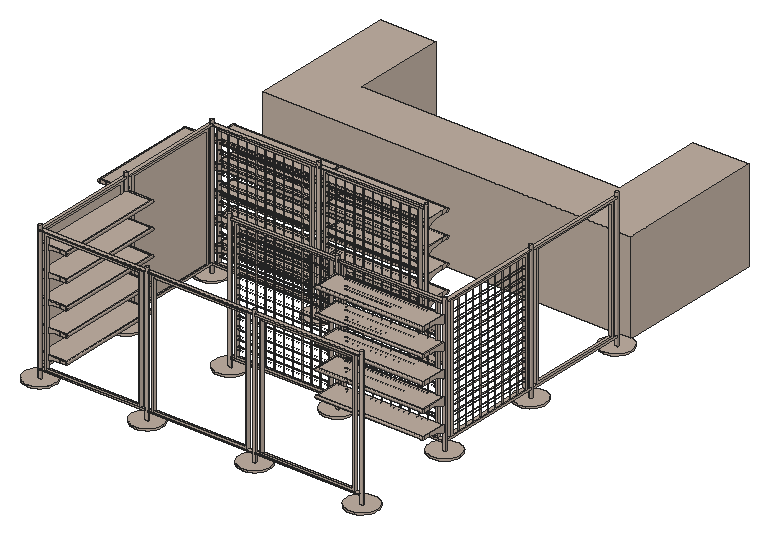
Revit family "Luxe Queuing System", category Generic Models, Revit 2014
Parameters
  URL = "http://www.madixinc.com"
  Shelf Material [instance] = Madix Default
  Shelf Frame Material [instance] = Madix Default
  Shelf Depth [instance] = 0' - 8"
  Panel Frame Width [instance] = 2' - 6"
  Panel Frame Height [instance] = 3' - 4"
  Model = "Luxe Queuing System"
  Manufacturer = "© 2015 Madix, Inc. All rights reserved."
  Main Material [instance] = Madix Default
  Harmonic Grid Material [instance] = Madix Default
  Grid Frame Width [instance] = 2' - 6"
  Grid Frame Height [instance] = 3' - 4"
  Frame (Empty) Width [instance] = 2' - 6"
  Frame (Empty) Height [instance] = 3' - 4"
  Grid Shelf 1 - on/off [instance] = no
  Grid Shelf 2 - on/off [instance] = yes
  Grid Shelf 3 - on/off [instance] = no
  Grid Shelf 4 - on/off [instance] = yes
  Grid Shelf 5 - on/off [instance] = no
  Grid Shelf 6 - on/off [instance] = yes
  Grid Shelf 7 - on/off [instance] = no
  Grid Shelf 8 - on/off [instance] = yes
  Grid Shelf 9 - on/off [instance] = no
  Grid Shelf 10 - on/off [instance] = yes
  Grid Outrigger A - on/off [instance] = yes
  Grid Outrigger B - on/off [instance] = no
  Panel Shelf 1 - on/off [instance] = no
  Panel Shelf 2 - on/off [instance] = yes
  Panel Shelf 3 - on/off [instance] = no
  Panel Shelf 4 - on/off [instance] = yes
  Panel Shelf 5 - on/off [instance] = no
  Panel Shelf 6 - on/off [instance] = yes
  Panel Shelf 7 - on/off [instance] = no
  Panel Shelf 8 - on/off [instance] = yes
  Panel Shelf 9 - on/off [instance] = no
  Panel Shelf 10 - on/off [instance] = yes
  Panel Outrigger A - on/off [instance] = yes
  Panel Outrigger B - on/off [instance] = yes
  Frame (Empty) Shelf 1 - on/off [instance] = no
  Frame (Empty) Shelf 2 - on/off [instance] = no
  Frame (Empty) Shelf 3 - on/off [instance] = no
  Frame (Empty) Shelf 4 - on/off [instance] = no
  Frame (Empty) Shelf 5 - on/off [instance] = no
  Frame (Empty) Shelf 6 - on/off [instance] = no
  Frame (Empty) Shelf 7 - on/off [instance] = no
  Frame (Empty) Shelf 8 - on/off [instance] = no
  Frame (Empty) Shelf 9 - on/off [instance] = no
  Frame (Empty) Shelf 10 - on/off [instance] = no
  Frame (Empty) Outrigger A - on/off [instance] = no
  Frame (Empty) Outrigger B - on/off [instance] = yes
Reference planes (in)
  plane 1 "Center (Front/Back)": y = 0
  plane 2: z = 0
  plane 3 "Center (Left/Right)": x = 0
Forms (in)
  Extrusion 1, solid, material "Madix Default" <- "Main Material"
    sketch origin (0, 5.625, 0) x (1, 0, 0) y (0, 1, 0)
      loop
        line (115.12511, 93.87603) -> (115.12511, 141.87603) -> (97.12511, 141.87603) -> (97.12511, 111.87603) -> (13.12511, 111.87603) -> (13.12511, 141.87603) -> (-4.87489, 141.87603) -> (-4.87489, 93.87603) -> (115.12511, 93.87603)
    from 0 to 30
Dimensions and locks (in)
  aligned and locked: plane 2 to level
Nested families (in)
  nested 1: "LUXE" at (80.62465, 59.3733, 0) x (-1, 0, 0) z (0, 0, 1), Shelf Material <- "Shelf Material", Shelf Frame Material <- "Shelf Frame Material", MATERIAL <- "Main Material", Harmonic Grid Material <- "Harmonic Grid Material", Shelf Depth <- "Shelf Depth", Frame Width <- "Grid Frame Width", Frame Height <- "Grid Frame Height", Shelf 1 - on/off <- "Grid Shelf 1 - on/off", Shelf 2 - on/off <- "Grid Shelf 2 - on/off", Shelf 3 - on/off <- "Grid Shelf 3 - on/off", Shelf 4 - on/off <- "Grid Shelf 4 - on/off", Shelf 5 - on/off <- "Grid Shelf 5 - on/off", Shelf 6 - on/off <- "Grid Shelf 6 - on/off", Shelf 7 - on/off <- "Grid Shelf 7 - on/off", Shelf 8 - on/off <- "Grid Shelf 8 - on/off", Shelf 9 - on/off <- "Grid Shelf 9 - on/off", Shelf 10 - on/off <- "Grid Shelf 10 - on/off", Outrigger A <- "Grid Outrigger A - on/off", Outrigger B <- "Grid Outrigger B - on/off", type "Panel"
    with Width Between Outriggers 2' - 10", Shelf Width 2' - 10 1/2", Shelf Material Madix Default, Shelf Frame Material Madix Default, Shelf Depth 0' - 8", Shelf 9 - on/off no, Shelf 8 - on/off yes, Shelf 7 - on/off no, Shelf 6 - on/off yes, Shelf 5 - on/off no, Shelf 4 - on/off yes, Shelf 3 - on/off no, Shelf 2 - on/off yes, Shelf 10 - on/off yes, Shelf 1 - on/off no, Panel on/off no, Outrigger Width 2' - 11", Outrigger Height 3' - 9", Outrigger B no, Outrigger A yes, MATERIAL Madix Default, Harmonic Grid Material Madix Default, Grid on/off yes, Frame on/off no, Frame Width 2' - 6", Frame Height 3' - 4", Center to Center Base Distance 2' - 11"
  nested 2: "LUXE" at (10.62397, -10.62648, 0), Shelf Depth <- "Shelf Depth", Frame Width <- "Frame (Empty) Width", Frame Height <- "Frame (Empty) Height", Shelf Material <- "Shelf Material", Shelf Frame Material <- "Shelf Frame Material", MATERIAL <- "Main Material", Harmonic Grid Material <- "Harmonic Grid Material", Shelf 1 - on/off <- "Frame (Empty) Shelf 1 - on/off", Shelf 2 - on/off <- "Frame (Empty) Shelf 2 - on/off", Shelf 3 - on/off <- "Frame (Empty) Shelf 3 - on/off", Shelf 4 - on/off <- "Frame (Empty) Shelf 4 - on/off", Shelf 5 - on/off <- "Frame (Empty) Shelf 5 - on/off", Shelf 6 - on/off <- "Frame (Empty) Shelf 6 - on/off", Shelf 7 - on/off <- "Frame (Empty) Shelf 7 - on/off", Shelf 8 - on/off <- "Frame (Empty) Shelf 8 - on/off", Shelf 9 - on/off <- "Frame (Empty) Shelf 9 - on/off", Shelf 10 - on/off <- "Frame (Empty) Shelf 10 - on/off", Outrigger A <- "Frame (Empty) Outrigger A - on/off", Outrigger B <- "Frame (Empty) Outrigger B - on/off", type "Frame (Empty)"
    with Width Between Outriggers 2' - 10", Shelf Width 2' - 10 1/2", Shelf Material Madix Default, Shelf Frame Material Madix Default, Shelf Depth 0' - 8", Shelf 9 - on/off no, Shelf 8 - on/off no, Shelf 7 - on/off no, Shelf 6 - on/off no, Shelf 5 - on/off no, Shelf 4 - on/off no, Shelf 3 - on/off no, Shelf 2 - on/off no, Shelf 10 - on/off no, Shelf 1 - on/off no, Panel on/off no, Outrigger Width 2' - 11", Outrigger Height 3' - 9", Outrigger B yes, Outrigger A no, MATERIAL Madix Default, Harmonic Grid Material Madix Default, Grid on/off no, Frame on/off yes, Frame Width 2' - 6", Frame Height 3' - 4", Center to Center Base Distance 2' - 11"
  nested 3: "LUXE" at (10.62397, -10.62738, 0) x (0, 1, 0) z (0, 0, 1), Shelf Depth <- "Shelf Depth", Frame Width <- "Panel Frame Width", Frame Height <- "Panel Frame Height", Shelf Material <- "Shelf Material", Shelf Frame Material <- "Shelf Frame Material", MATERIAL <- "Main Material", Harmonic Grid Material <- "Harmonic Grid Material", Shelf 1 - on/off <- "Panel Shelf 1 - on/off", Shelf 2 - on/off <- "Panel Shelf 2 - on/off", Shelf 3 - on/off <- "Panel Shelf 3 - on/off", Shelf 4 - on/off <- "Panel Shelf 4 - on/off", Shelf 5 - on/off <- "Panel Shelf 5 - on/off", Shelf 6 - on/off <- "Panel Shelf 6 - on/off", Shelf 7 - on/off <- "Panel Shelf 7 - on/off", Shelf 8 - on/off <- "Panel Shelf 8 - on/off", Shelf 9 - on/off <- "Panel Shelf 9 - on/off", Shelf 10 - on/off <- "Panel Shelf 10 - on/off", type "Panel B"
    with Width Between Outriggers 2' - 10", Shelf Width 2' - 10 1/2", Shelf Material Madix Default, Shelf Frame Material Madix Default, Shelf Depth 0' - 8", Shelf 9 - on/off no, Shelf 8 - on/off yes, Shelf 7 - on/off no, Shelf 6 - on/off yes, Shelf 5 - on/off no, Shelf 4 - on/off yes, Shelf 3 - on/off no, Shelf 2 - on/off yes, Shelf 10 - on/off yes, Shelf 1 - on/off no, Panel on/off yes, Outrigger Width 2' - 11", Outrigger Height 3' - 9", Outrigger B no, Outrigger A yes, MATERIAL Madix Default, Harmonic Grid Material Madix Default, Grid on/off no, Frame on/off yes, Frame Width 2' - 6", Frame Height 3' - 4", Center to Center Base Distance 2' - 11"
  nested 4: "LUXE" at (10.62397, 59.37397, 0) x (0, -1, 0) z (0, 0, 1), Shelf Depth <- "Shelf Depth", Frame Width <- "Panel Frame Width", Frame Height <- "Panel Frame Height", Shelf Material <- "Shelf Material", Shelf Frame Material <- "Shelf Frame Material", MATERIAL <- "Main Material", Harmonic Grid Material <- "Harmonic Grid Material", Shelf 1 - on/off <- "Panel Shelf 1 - on/off", Shelf 2 - on/off <- "Panel Shelf 2 - on/off", Shelf 3 - on/off <- "Panel Shelf 3 - on/off", Shelf 4 - on/off <- "Panel Shelf 4 - on/off", Shelf 5 - on/off <- "Panel Shelf 5 - on/off", Shelf 6 - on/off <- "Panel Shelf 6 - on/off", Shelf 7 - on/off <- "Panel Shelf 7 - on/off", Shelf 8 - on/off <- "Panel Shelf 8 - on/off", Shelf 9 - on/off <- "Panel Shelf 9 - on/off", Shelf 10 - on/off <- "Panel Shelf 10 - on/off", Outrigger A <- "Panel Outrigger A - on/off", Outrigger B <- "Panel Outrigger B - on/off", type "Panel"
    with Width Between Outriggers 2' - 10", Shelf Width 2' - 10 1/2", Shelf Material Madix Default, Shelf Frame Material Madix Default, Shelf Depth 0' - 8", Shelf 9 - on/off no, Shelf 8 - on/off yes, Shelf 7 - on/off no, Shelf 6 - on/off yes, Shelf 5 - on/off no, Shelf 4 - on/off yes, Shelf 3 - on/off no, Shelf 2 - on/off yes, Shelf 10 - on/off yes, Shelf 1 - on/off no, Panel on/off yes, Outrigger Width 2' - 11", Outrigger Height 3' - 9", Outrigger B yes, Outrigger A yes, MATERIAL Madix Default, Harmonic Grid Material Madix Default, Grid on/off no, Frame on/off yes, Frame Width 2' - 6", Frame Height 3' - 4", Center to Center Base Distance 2' - 11"
  nested 5: "LUXE" at (45.6242, -10.62648, 0), Shelf Depth <- "Shelf Depth", Frame Width <- "Frame (Empty) Width", Frame Height <- "Frame (Empty) Height", Shelf Material <- "Shelf Material", Shelf Frame Material <- "Shelf Frame Material", MATERIAL <- "Main Material", Harmonic Grid Material <- "Harmonic Grid Material", Shelf 1 - on/off <- "Frame (Empty) Shelf 1 - on/off", Shelf 2 - on/off <- "Frame (Empty) Shelf 2 - on/off", Shelf 3 - on/off <- "Frame (Empty) Shelf 3 - on/off", Shelf 4 - on/off <- "Frame (Empty) Shelf 4 - on/off", Shelf 5 - on/off <- "Frame (Empty) Shelf 5 - on/off", Shelf 6 - on/off <- "Frame (Empty) Shelf 6 - on/off", Shelf 7 - on/off <- "Frame (Empty) Shelf 7 - on/off", Shelf 8 - on/off <- "Frame (Empty) Shelf 8 - on/off", Shelf 9 - on/off <- "Frame (Empty) Shelf 9 - on/off", Shelf 10 - on/off <- "Frame (Empty) Shelf 10 - on/off", Outrigger A <- "Frame (Empty) Outrigger A - on/off", Outrigger B <- "Frame (Empty) Outrigger B - on/off", type "Frame (Empty)"
    with Width Between Outriggers 2' - 10", Shelf Width 2' - 10 1/2", Shelf Material Madix Default, Shelf Frame Material Madix Default, Shelf Depth 0' - 8", Shelf 9 - on/off no, Shelf 8 - on/off no, Shelf 7 - on/off no, Shelf 6 - on/off no, Shelf 5 - on/off no, Shelf 4 - on/off no, Shelf 3 - on/off no, Shelf 2 - on/off no, Shelf 10 - on/off no, Shelf 1 - on/off no, Panel on/off no, Outrigger Width 2' - 11", Outrigger Height 3' - 9", Outrigger B yes, Outrigger A no, MATERIAL Madix Default, Harmonic Grid Material Madix Default, Grid on/off no, Frame on/off yes, Frame Width 2' - 6", Frame Height 3' - 4", Center to Center Base Distance 2' - 11"
  nested 6: "LUXE" at (80.62443, -10.62648, 0), Shelf Depth <- "Shelf Depth", Frame Width <- "Frame (Empty) Width", Frame Height <- "Frame (Empty) Height", Shelf Material <- "Shelf Material", Shelf Frame Material <- "Shelf Frame Material", MATERIAL <- "Main Material", Harmonic Grid Material <- "Harmonic Grid Material", Shelf 1 - on/off <- "Frame (Empty) Shelf 1 - on/off", Shelf 2 - on/off <- "Frame (Empty) Shelf 2 - on/off", Shelf 3 - on/off <- "Frame (Empty) Shelf 3 - on/off", Shelf 4 - on/off <- "Frame (Empty) Shelf 4 - on/off", Shelf 5 - on/off <- "Frame (Empty) Shelf 5 - on/off", Shelf 6 - on/off <- "Frame (Empty) Shelf 6 - on/off", Shelf 7 - on/off <- "Frame (Empty) Shelf 7 - on/off", Shelf 8 - on/off <- "Frame (Empty) Shelf 8 - on/off", Shelf 9 - on/off <- "Frame (Empty) Shelf 9 - on/off", Shelf 10 - on/off <- "Frame (Empty) Shelf 10 - on/off", Outrigger A <- "Frame (Empty) Outrigger A - on/off", Outrigger B <- "Frame (Empty) Outrigger B - on/off", type "Frame (Empty)"
    with Width Between Outriggers 2' - 10", Shelf Width 2' - 10 1/2", Shelf Material Madix Default, Shelf Frame Material Madix Default, Shelf Depth 0' - 8", Shelf 9 - on/off no, Shelf 8 - on/off no, Shelf 7 - on/off no, Shelf 6 - on/off no, Shelf 5 - on/off no, Shelf 4 - on/off no, Shelf 3 - on/off no, Shelf 2 - on/off no, Shelf 10 - on/off no, Shelf 1 - on/off no, Panel on/off no, Outrigger Width 2' - 11", Outrigger Height 3' - 9", Outrigger B yes, Outrigger A no, MATERIAL Madix Default, Harmonic Grid Material Madix Default, Grid on/off no, Frame on/off yes, Frame Width 2' - 6", Frame Height 3' - 4", Center to Center Base Distance 2' - 11"
  nested 7: "LUXE" at (45.62443, 59.3733, 0) x (-1, 0, 0) z (0, 0, 1), Shelf Material <- "Shelf Material", Shelf Frame Material <- "Shelf Frame Material", MATERIAL <- "Main Material", Harmonic Grid Material <- "Harmonic Grid Material", Shelf Depth <- "Shelf Depth", Frame Width <- "Grid Frame Width", Frame Height <- "Grid Frame Height", Shelf 1 - on/off <- "Grid Shelf 1 - on/off", Shelf 2 - on/off <- "Grid Shelf 2 - on/off", Shelf 3 - on/off <- "Grid Shelf 3 - on/off", Shelf 4 - on/off <- "Grid Shelf 4 - on/off", Shelf 5 - on/off <- "Grid Shelf 5 - on/off", Shelf 6 - on/off <- "Grid Shelf 6 - on/off", Shelf 7 - on/off <- "Grid Shelf 7 - on/off", Shelf 8 - on/off <- "Grid Shelf 8 - on/off", Shelf 9 - on/off <- "Grid Shelf 9 - on/off", Shelf 10 - on/off <- "Grid Shelf 10 - on/off", Outrigger A <- "Grid Outrigger A - on/off", Outrigger B <- "Grid Outrigger B - on/off", type "Panel"
    with Width Between Outriggers 2' - 10", Shelf Width 2' - 10 1/2", Shelf Material Madix Default, Shelf Frame Material Madix Default, Shelf Depth 0' - 8", Shelf 9 - on/off no, Shelf 8 - on/off yes, Shelf 7 - on/off no, Shelf 6 - on/off yes, Shelf 5 - on/off no, Shelf 4 - on/off yes, Shelf 3 - on/off no, Shelf 2 - on/off yes, Shelf 10 - on/off yes, Shelf 1 - on/off no, Panel on/off no, Outrigger Width 2' - 11", Outrigger Height 3' - 9", Outrigger B no, Outrigger A yes, MATERIAL Madix Default, Harmonic Grid Material Madix Default, Grid on/off yes, Frame on/off no, Frame Width 2' - 6", Frame Height 3' - 4", Center to Center Base Distance 2' - 11"
  nested 8: "LUXE" at (114.62465, 24.37375, 0) x (-1, 0, 0) z (0, 0, 1), Shelf Material <- "Shelf Material", Shelf Frame Material <- "Shelf Frame Material", MATERIAL <- "Main Material", Harmonic Grid Material <- "Harmonic Grid Material", Shelf Depth <- "Shelf Depth", Frame Width <- "Grid Frame Width", Frame Height <- "Grid Frame Height", Shelf 1 - on/off <- "Grid Shelf 1 - on/off", Shelf 2 - on/off <- "Grid Shelf 2 - on/off", Shelf 3 - on/off <- "Grid Shelf 3 - on/off", Shelf 4 - on/off <- "Grid Shelf 4 - on/off", Shelf 5 - on/off <- "Grid Shelf 5 - on/off", Shelf 6 - on/off <- "Grid Shelf 6 - on/off", Shelf 7 - on/off <- "Grid Shelf 7 - on/off", Shelf 8 - on/off <- "Grid Shelf 8 - on/off", Shelf 9 - on/off <- "Grid Shelf 9 - on/off", Shelf 10 - on/off <- "Grid Shelf 10 - on/off", Outrigger A <- "Grid Outrigger A - on/off", Outrigger B <- "Grid Outrigger B - on/off", type "Panel"
    with Width Between Outriggers 2' - 10", Shelf Width 2' - 10 1/2", Shelf Material Madix Default, Shelf Frame Material Madix Default, Shelf Depth 0' - 8", Shelf 9 - on/off no, Shelf 8 - on/off yes, Shelf 7 - on/off no, Shelf 6 - on/off yes, Shelf 5 - on/off no, Shelf 4 - on/off yes, Shelf 3 - on/off no, Shelf 2 - on/off yes, Shelf 10 - on/off yes, Shelf 1 - on/off no, Panel on/off no, Outrigger Width 2' - 11", Outrigger Height 3' - 9", Outrigger B no, Outrigger A yes, MATERIAL Madix Default, Harmonic Grid Material Madix Default, Grid on/off yes, Frame on/off no, Frame Width 2' - 6", Frame Height 3' - 4", Center to Center Base Distance 2' - 11"
  nested 9: "LUXE" at (79.62443, 24.37375, 0) x (-1, 0, 0) z (0, 0, 1), Shelf Material <- "Shelf Material", Shelf Frame Material <- "Shelf Frame Material", MATERIAL <- "Main Material", Harmonic Grid Material <- "Harmonic Grid Material", Shelf Depth <- "Shelf Depth", Frame Width <- "Grid Frame Width", Frame Height <- "Grid Frame Height", type "Grid B"
    with Width Between Outriggers 2' - 10", Shelf Width 2' - 10 1/2", Shelf Material Madix Default, Shelf Frame Material Madix Default, Shelf Depth 0' - 8", Shelf 9 - on/off no, Shelf 8 - on/off no, Shelf 7 - on/off no, Shelf 6 - on/off no, Shelf 5 - on/off no, Shelf 4 - on/off no, Shelf 3 - on/off no, Shelf 2 - on/off no, Shelf 10 - on/off no, Shelf 1 - on/off no, Panel on/off no, Outrigger Width 2' - 11", Outrigger Height 3' - 9", Outrigger B yes, Outrigger A yes, MATERIAL Madix Default, Harmonic Grid Material Madix Default, Grid on/off yes, Frame on/off no, Frame Width 2' - 6", Frame Height 3' - 4", Center to Center Base Distance 2' - 11"
  nested 10: "LUXE" at (114.62511, 59.3742, 0) x (0, -1, 0) z (0, 0, 1), Shelf Material <- "Shelf Material", Shelf Frame Material <- "Shelf Frame Material", MATERIAL <- "Main Material", Harmonic Grid Material <- "Harmonic Grid Material", Shelf Depth <- "Shelf Depth", Frame Width <- "Grid Frame Width", Frame Height <- "Grid Frame Height", type "Grid C"
    with Width Between Outriggers 2' - 10", Shelf Width 2' - 10 1/2", Shelf Material Madix Default, Shelf Frame Material Madix Default, Shelf Depth 0' - 8", Shelf 9 - on/off no, Shelf 8 - on/off no, Shelf 7 - on/off no, Shelf 6 - on/off no, Shelf 5 - on/off no, Shelf 4 - on/off no, Shelf 3 - on/off no, Shelf 2 - on/off no, Shelf 10 - on/off no, Shelf 1 - on/off no, Panel on/off no, Outrigger Width 2' - 11", Outrigger Height 3' - 9", Outrigger B no, Outrigger A yes, MATERIAL Madix Default, Harmonic Grid Material Madix Default, Grid on/off yes, Frame on/off no, Frame Width 2' - 6", Frame Height 3' - 4", Center to Center Base Distance 2' - 11"
  nested 11: "LUXE" at (114.62511, 59.37557, 0) x (0, 1, 0) z (0, 0, 1), Shelf Depth <- "Shelf Depth", Frame Width <- "Frame (Empty) Width", Frame Height <- "Frame (Empty) Height", Shelf Material <- "Shelf Material", Shelf Frame Material <- "Shelf Frame Material", MATERIAL <- "Main Material", Harmonic Grid Material <- "Harmonic Grid Material", Shelf 1 - on/off <- "Frame (Empty) Shelf 1 - on/off", Shelf 2 - on/off <- "Frame (Empty) Shelf 2 - on/off", Shelf 3 - on/off <- "Frame (Empty) Shelf 3 - on/off", Shelf 4 - on/off <- "Frame (Empty) Shelf 4 - on/off", Shelf 5 - on/off <- "Frame (Empty) Shelf 5 - on/off", Shelf 6 - on/off <- "Frame (Empty) Shelf 6 - on/off", Shelf 7 - on/off <- "Frame (Empty) Shelf 7 - on/off", Shelf 8 - on/off <- "Frame (Empty) Shelf 8 - on/off", Shelf 9 - on/off <- "Frame (Empty) Shelf 9 - on/off", Shelf 10 - on/off <- "Frame (Empty) Shelf 10 - on/off", Outrigger A <- "Frame (Empty) Outrigger A - on/off", Outrigger B <- "Frame (Empty) Outrigger B - on/off", type "Frame (Empty)"
    with Width Between Outriggers 2' - 10", Shelf Width 2' - 10 1/2", Shelf Material Madix Default, Shelf Frame Material Madix Default, Shelf Depth 0' - 8", Shelf 9 - on/off no, Shelf 8 - on/off no, Shelf 7 - on/off no, Shelf 6 - on/off no, Shelf 5 - on/off no, Shelf 4 - on/off no, Shelf 3 - on/off no, Shelf 2 - on/off no, Shelf 10 - on/off no, Shelf 1 - on/off no, Panel on/off no, Outrigger Width 2' - 11", Outrigger Height 3' - 9", Outrigger B yes, Outrigger A no, MATERIAL Madix Default, Harmonic Grid Material Madix Default, Grid on/off no, Frame on/off yes, Frame Width 2' - 6", Frame Height 3' - 4", Center to Center Base Distance 2' - 11"
Definition of nested family "LUXE"
  Parameters (values of type "Panel")
    Width Between Outriggers [instance] = Frame Width + 0' 4"  # 2' - 10"
    URL = "http://www.madixinc.com"
    Shelf Width [instance] = Width Between Outriggers + 0' 0 1/2"  # 2' - 10 1/2"
    Shelf Depth [instance] = 0' - 8"
    Shelf Material [instance] = Madix Default
    Shelf Frame Material [instance] = Madix Default
    Panel on/off [instance] = yes
    Outrigger Width [instance] = Shelf Width + 0' 0 1/2"  # 2' - 11"
    Outrigger Height [instance] = Frame Height + 0' 5"  # 3' - 9"
    Outrigger B [instance] = yes
    Outrigger A [instance] = yes
    Model = "Luxe Queuing System"
    Manufacturer = "© 2015 Madix, Inc. All rights reserved."
    MATERIAL [instance] = Madix Default
    Harmonic Grid Material [instance] = Madix Default
    Harmonic Grid Length = 1' - 0"
    Frame on/off [instance] = yes
    Frame Width [instance] = 2' - 6"
    Grid on/off [instance] = no
    Frame Height [instance] = 3' - 4"
    Shelf 1 - on/off [instance] = yes
    Shelf 2 - on/off [instance] = yes
    Shelf 3 - on/off [instance] = yes
    Shelf 4 - on/off [instance] = yes
    Shelf 5 - on/off [instance] = yes
    Shelf 6 - on/off [instance] = yes
    Shelf 7 - on/off [instance] = yes
    Shelf 8 - on/off [instance] = yes
    Shelf 9 - on/off [instance] = yes
    Shelf 10 - on/off [instance] = yes
    Center to Center Base Distance [instance] = Outrigger Width  # 2' - 11"
  Types (3): name | Panel on/off | Frame on/off | Grid on/off
    Grid | no | no | yes
    Panel | yes | yes | no
    Frame (Empty) | no | yes | no
  Reference planes (in)
    plane 1 "Center (Front/Back)": y = 0
    plane 2: z = 0
    plane 3 "Center (Left/Right)": x = 0
    plane 4: x = 35
    plane 5: x = 35
  Forms (in)
    Extrusion 1, solid, material "Madix Default" <- "MATERIAL", visible <- "Outrigger A"
      sketch origin (3.50045, 0, 0.7824) x (1, 0, 0) y (0, 1, 0)
        loop
          circle (-3.5, 0) r 0.50069
      from -0.7824 to 44.2176
    Extrusion 2, solid, material "Madix Default" <- "MATERIAL", visible <- "Outrigger B"
      sketch origin (26.5009, 0, 0.7824) x (1, 0, 0) y (0, 1, 0)
        loop
          circle (8.4991, -0.00023) r 0.50023
      from -0.7824 to 44.2176
    Extrusion 3, solid, material "Madix Default" <- "MATERIAL", visible <- "Outrigger A"
      sketch origin (0, 0, 0) x (1, 0, 0) y (0, 1, 0)
        loop
          circle (0.00045, 0.00069) r 5
      from 0 to 0.5
    Extrusion 4, solid, material "Madix Default" <- "MATERIAL", visible <- "Outrigger B"
      sketch origin (35, 0, 0) x (1, 0, 0) y (0, 1, 0)
        loop
          circle (0, 0.00069) r 5
      from 0 to 0.5
  Dimensions and locks (in)
    "Outrigger Height": Extrusion 1 to Extrusion 1
    "Outrigger Height": Extrusion 2 to Extrusion 2
    "Outrigger Width": plane 3 "Center (Left/Right)" to plane 4
    "Center to Center Base Distance": plane 3 "Center (Left/Right)" to plane 5
    aligned and locked: level to plane 2
    aligned and locked: Extrusion 1 to level
    aligned and locked: Extrusion 2 to level
  Automatic sketch dimensions
    plane 1 "Center (Front/Back)" to Extrusion 1 sketch curve = 0' - 0"
    plane 3 "Center (Left/Right)" to Extrusion 1 sketch curve = 0' - 0.00045"
    plane 3 "Center (Left/Right)" to Extrusion 3 sketch curve = 0' - 0.00045"
    Extrusion 3 sketch curve to plane 1 "Center (Front/Back)" = 0' - 0.00069"
    Extrusion 2 sketch curve to plane 4 = 0' - 0"
    plane 1 "Center (Front/Back)" to Extrusion 2 sketch curve = 0' - 0.00023"
    Extrusion 4 sketch curve to plane 5 = 0' - 0"
    Extrusion 4 sketch curve to plane 1 "Center (Front/Back)" = 0' - 0.00069"
    radius of Extrusion 1 sketch curve = 0' - 0.50069"
    radius of Extrusion 3 sketch curve = 0' - 5"
    radius of Extrusion 2 sketch curve = 0' - 0.50023"
    radius of Extrusion 4 sketch curve = 0' - 5"
  Nested families (in)
    nested 1: "Luxe_HarmonicGrid" at (2, 0, 3.49885), Frame Height <- "Frame Height", Frame Width <- "Frame Width", Grid on/off <- "Grid on/off", type "Luxe_HarmonicGrid"
      with Vertical Chord 3' - 3 1/2", Number of Vertical Chords 9, Number Of Chords 12, Horizontal Chord Width 2' - 6", Grid on/off no, Frame Width 2' - 6", Frame Height 3' - 4", Chord Width 1' - 5", Chord Spacing Vertically 0' - 3", Chord Spacing Horizontally 0' - 3", Chord Height 3' - 3"
    nested 2: "Luxe_TubeLineShelfwithWoodTop" at (0.00045, -0.5, 3), Shelf Width <- "Shelf Width", Shelf Depth <- "Shelf Depth", Shelf Material <- "Shelf Material", Shelf Frame Material <- "Shelf Frame Material", visible <- "Shelf 1 - on/off", type "Shelf 1"
      with Shelf Width 2' - 10 1/2", Shelf Material Madix Default, Shelf Frame Material Madix Default, Shelf Depth 0' - 8", Round Nose Width 2' - 11", Depth of Bracket 1' - 6"
    nested 3: "Luxe_TubeLineShelfwithWoodTop" at (0.00045, -0.5, 7), Shelf Width <- "Shelf Width", Shelf Depth <- "Shelf Depth", Shelf Material <- "Shelf Material", Shelf Frame Material <- "Shelf Frame Material", visible <- "Shelf 2 - on/off", type "Shelf 1"
      with Shelf Width 2' - 10 1/2", Shelf Material Madix Default, Shelf Frame Material Madix Default, Shelf Depth 0' - 8", Round Nose Width 2' - 11", Depth of Bracket 1' - 6"
    nested 4: "Luxe_TubeLineShelfwithWoodTop" at (0.00045, -0.5, 11), Shelf Width <- "Shelf Width", Shelf Depth <- "Shelf Depth", Shelf Material <- "Shelf Material", Shelf Frame Material <- "Shelf Frame Material", visible <- "Shelf 3 - on/off", type "Shelf 1"
      with Shelf Width 2' - 10 1/2", Shelf Material Madix Default, Shelf Frame Material Madix Default, Shelf Depth 0' - 8", Round Nose Width 2' - 11", Depth of Bracket 1' - 6"
    nested 5: "Luxe_TubeLineShelfwithWoodTop" at (0.00045, -0.5, 15), Shelf Width <- "Shelf Width", Shelf Depth <- "Shelf Depth", Shelf Material <- "Shelf Material", Shelf Frame Material <- "Shelf Frame Material", visible <- "Shelf 4 - on/off", type "Shelf 1"
      with Shelf Width 2' - 10 1/2", Shelf Material Madix Default, Shelf Frame Material Madix Default, Shelf Depth 0' - 8", Round Nose Width 2' - 11", Depth of Bracket 1' - 6"
    nested 6: "Luxe_TubeLineShelfwithWoodTop" at (0.00045, -0.5, 19), Shelf Width <- "Shelf Width", Shelf Depth <- "Shelf Depth", Shelf Material <- "Shelf Material", Shelf Frame Material <- "Shelf Frame Material", visible <- "Shelf 5 - on/off", type "Shelf 1"
      with Shelf Width 2' - 10 1/2", Shelf Material Madix Default, Shelf Frame Material Madix Default, Shelf Depth 0' - 8", Round Nose Width 2' - 11", Depth of Bracket 1' - 6"
    nested 7: "Luxe_TubeLineShelfwithWoodTop" at (0.00045, -0.5, 23), Shelf Width <- "Shelf Width", Shelf Depth <- "Shelf Depth", Shelf Material <- "Shelf Material", Shelf Frame Material <- "Shelf Frame Material", visible <- "Shelf 6 - on/off", type "Shelf 1"
      with Shelf Width 2' - 10 1/2", Shelf Material Madix Default, Shelf Frame Material Madix Default, Shelf Depth 0' - 8", Round Nose Width 2' - 11", Depth of Bracket 1' - 6"
    nested 8: "Luxe_TubeLineShelfwithWoodTop" at (0.00045, -0.5, 27), Shelf Width <- "Shelf Width", Shelf Depth <- "Shelf Depth", Shelf Material <- "Shelf Material", Shelf Frame Material <- "Shelf Frame Material", visible <- "Shelf 7 - on/off", type "Shelf 1"
      with Shelf Width 2' - 10 1/2", Shelf Material Madix Default, Shelf Frame Material Madix Default, Shelf Depth 0' - 8", Round Nose Width 2' - 11", Depth of Bracket 1' - 6"
    nested 9: "Luxe_TubeLineShelfwithWoodTop" at (0.00045, -0.5, 31), Shelf Width <- "Shelf Width", Shelf Depth <- "Shelf Depth", Shelf Material <- "Shelf Material", Shelf Frame Material <- "Shelf Frame Material", visible <- "Shelf 8 - on/off", type "Shelf 1"
      with Shelf Width 2' - 10 1/2", Shelf Material Madix Default, Shelf Frame Material Madix Default, Shelf Depth 0' - 8", Round Nose Width 2' - 11", Depth of Bracket 1' - 6"
    nested 10: "Luxe_TubeLineShelfwithWoodTop" at (0.00045, -0.5, 35), Shelf Width <- "Shelf Width", Shelf Depth <- "Shelf Depth", Shelf Material <- "Shelf Material", Shelf Frame Material <- "Shelf Frame Material", visible <- "Shelf 9 - on/off", type "Shelf 1"
      with Shelf Width 2' - 10 1/2", Shelf Material Madix Default, Shelf Frame Material Madix Default, Shelf Depth 0' - 8", Round Nose Width 2' - 11", Depth of Bracket 1' - 6"
    nested 11: "Luxe_TubeLineShelfwithWoodTop" at (0.00045, -0.5, 39), Shelf Width <- "Shelf Width", Shelf Depth <- "Shelf Depth", Shelf Material <- "Shelf Material", Shelf Frame Material <- "Shelf Frame Material", visible <- "Shelf 10 - on/off", type "Shelf 1"
      with Shelf Width 2' - 10 1/2", Shelf Material Madix Default, Shelf Frame Material Madix Default, Shelf Depth 0' - 8", Round Nose Width 2' - 11", Depth of Bracket 1' - 6"
    nested 12: "Luxe_Panel" at (2, 0, 3.49885), Frame Width <- "Frame Width", Frame Height <- "Frame Height", Frame on/off <- "Frame on/off", Center Panel on/off <- "Panel on/off", type "Luxe_Panel"
      with Vertical Chord 3' - 3 1/2", Horizontal Chord Width 2' - 6", Frame on/off yes, Frame Width 2' - 6", Frame Height 3' - 4", Center Panel on/off yes
  Definition of nested family "Luxe_TubeLineShelfwithWoodTop"
    Parameters (values of type "Shelf 16")
      Shelf Width [instance] = 1' - 6"
      Shelf Material [instance] = Madix Default
      Shelf Frame Material [instance] = Madix Default
      Shelf Depth [instance] = 1' - 6"
      Round Nose Width [instance] = Shelf Width + 0' 0 1/2"  # 1' - 6 1/2"
      Depth of Bracket [instance] = 1' - 6"
    Types (16): name | Shelf Width | Shelf Material | Shelf Frame Material | Shelf Depth | Round Nose Width
      Shelf 16 | 1' - 6" | Madix Default | Madix Default | 1' - 6" | 1' - 6 1/2"
      Shelf 15 | 1' - 11" | Default | Default | 1' - 1 1/2" | 1' - 11 1/2"
      Shelf 14 | 1' - 11" | Default | Default | 1' - 1 1/2" | 1' - 11 1/2"
      Shelf 13 | 1' - 11" | Default | Default | 1' - 1 1/2" | 1' - 11 1/2"
      Shelf 12 | 1' - 11" | Default | Default | 1' - 1 1/2" | 1' - 11 1/2"
      Shelf 11 | 1' - 11" | Default | Default | 1' - 1 1/2" | 1' - 11 1/2"
      Shelf 10 | 1' - 11" | Default | Default | 1' - 1 1/2" | 1' - 11 1/2"
      Shelf 9 | 1' - 11" | Default | Default | 1' - 1 1/2" | 1' - 11 1/2"
      Shelf 8 | 1' - 11" | Default | Default | 1' - 1 1/2" | 1' - 11 1/2"
      Shelf 7 | 1' - 11" | Default | Default | 1' - 1 1/2" | 1' - 11 1/2"
      Shelf 6 | 1' - 11" | Default | Default | 1' - 1 1/2" | 1' - 11 1/2"
      Shelf 5 | 1' - 11" | Default | Default | 1' - 1 1/2" | 1' - 11 1/2"
      Shelf 4 | 1' - 11" | Default | Default | 1' - 1 1/2" | 1' - 11 1/2"
      Shelf 3 | 1' - 11" | Default | Default | 1' - 1 1/2" | 1' - 11 1/2"
      Shelf 2 | 1' - 11" | Default | Default | 1' - 1 1/2" | 1' - 11 1/2"
      Shelf 1 | 1' - 11" | Default | Default | 1' - 1 1/2" | 1' - 11 1/2"
    Reference planes (in)
      plane 1 "Center (Front/Back)": y = 0
      plane 2: z = 0
      plane 3 "Center (Left/Right)": x = 0
      plane 4: y = -18
      plane 5: z = 0.5
      plane 6: y = -18
      plane 7: z = 0.5
      plane 8: z = 0.5
    Forms (in)
      Extrusion 1, solid, material "Madix Default" <- "Shelf Material"
        sketch origin (0.25, 0, 0) x (1, 0, 0) y (0, 0, 1)
          loop
            line (0, 0) -> (18, 0) -> (18, 1) -> (0, 1) -> (0, 0)
        from 0 to 18
      Extrusion 2, solid, material "Madix Default" <- "Shelf Frame Material"
        sketch origin (24.25, 0, 0) x (0, 1, 0) y (0, 0, 1)
          loop
            line (-18, 0) -> (-6, 0) -> (-6, 1) -> (-18, 1) -> (-18, 0)
        from -6 to -5.75
      Extrusion 3, solid, material "Madix Default" <- "Shelf Frame Material"
        sketch origin (24.25, 0, 0) x (0, 1, 0) y (0, 0, 1)
          loop
            line (0, 1) -> (-6, 1) -> (-6, 0)
            arc (-6, 0) -> (-2.88674, -0.29695) -> (0, -1.5) r 10.47182
            line (0, -1.5) -> (0, 1)
        from -6 to -5.75
      Extrusion 4, solid, material "Madix Default" <- "Shelf Frame Material"
        sketch origin (0, 0, 0) x (0, 1, 0) y (0, 0, 1)
          loop
            line (0, 1) -> (-6, 1) -> (-6, 0)
            arc (-6, 0) -> (-2.88674, -0.29695) -> (0, -1.5) r 10.47182
            line (0, -1.5) -> (0, 1)
        from 0 to 0.25
      Extrusion 5, solid, material "Madix Default" <- "Shelf Frame Material"
        sketch origin (0, 0, 0) x (0, 1, 0) y (0, 0, 1)
          loop
            line (-18, 0) -> (-6, 0) -> (-6, 1) -> (-18, 1) -> (-18, 0)
        from 0 to 0.25
      Extrusion 6, solid, material "Madix Default" <- "Shelf Frame Material"
        sketch origin (0, 0, 0) x (0, 1, 0) y (0, 0, 1)
          loop
            arc (-18, 1) -> (-18.5, 0.5) -> (-18, 0) r 0.5
            line (-18, 0) -> (-18, 1)
        from 0 to 18.5
    Lines and regions (in)
      reference lines
        curve 1: line (0.25, 0, 0) -> (0.25, -25.75, 0)
    Dimensions and locks (in)
      "Shelf Depth": Extrusion 1 to Extrusion 1
      "Shelf Width": Extrusion 1 to Extrusion 1
      locked: Extrusion 4 to curve 1 at 0.25
      locked: Extrusion 5 to curve 1 at 0.25
      locked: Extrusion 2 to Extrusion 2 at 0.25
      locked: Extrusion 1 to Extrusion 3 at 0.25
      "Round Nose Width": Extrusion 6 to Extrusion 6
      Extrusion 6 to Extrusion 2 = 0' - 0 1/2"
      aligned and locked: plane 2 to level
      aligned and locked: Extrusion 1 to plane 1 "Center (Front/Back)"
      aligned and locked: Extrusion 2 to Extrusion 1
      aligned and locked: curve 1 to Extrusion 1
      aligned and locked: Extrusion 5 to curve 1
      aligned and locked: Extrusion 4 to curve 1
      aligned and locked: Extrusion 1 to Extrusion 3
      aligned and locked: Extrusion 5 to Extrusion 1
      aligned and locked: Extrusion 6 to Extrusion 1
      aligned and locked: Extrusion 2 to Extrusion 6
    Automatic sketch dimensions
      Extrusion 1 sketch curve to level = 0' - 0"
      plane 3 "Center (Left/Right)" to Extrusion 1 sketch curve = 0' - 0 1/4"
      Extrusion 1 sketch curve to Extrusion 1 sketch curve = 1' - 6"
      level to Extrusion 1 sketch curve = 0' - 1"
      Extrusion 2 sketch curve to level = 0' - 0"
      plane 4 to Extrusion 2 sketch curve = 0' - 0"
      plane 5 to Extrusion 2 sketch curve = 0' - 0 1/2"
      plane 1 "Center (Front/Back)" to Extrusion 2 sketch curve = 0' - 6"
      Extrusion 3 sketch curve to level = 0' - 0"
      Extrusion 3 sketch curve to plane 1 "Center (Front/Back)" = 0' - 0"
      plane 1 "Center (Front/Back)" to Extrusion 3 sketch curve = 0' - 5.42653"
      plane 1 "Center (Front/Back)" to Extrusion 3 sketch curve = 0' - 6"
      Extrusion 3 sketch curve to level = 0' - 1 1/2"
      level to Extrusion 3 sketch curve = 0' - 1"
      Extrusion 4 sketch curve to level = 0' - 0"
      Extrusion 4 sketch curve to plane 1 "Center (Front/Back)" = 0' - 0"
      plane 1 "Center (Front/Back)" to Extrusion 4 sketch curve = 0' - 5.42653"
      plane 1 "Center (Front/Back)" to Extrusion 4 sketch curve = 0' - 6"
      Extrusion 4 sketch curve to level = 0' - 1 1/2"
      level to Extrusion 4 sketch curve = 0' - 1"
      Extrusion 5 sketch curve to level = 0' - 0"
      plane 6 to Extrusion 5 sketch curve = 0' - 0"
      plane 7 to Extrusion 5 sketch curve = 0' - 0 1/2"
      plane 1 "Center (Front/Back)" to Extrusion 5 sketch curve = 0' - 6"
      plane 1 "Center (Front/Back)" to curve 1 = 0' - 0"
      plane 3 "Center (Left/Right)" to curve 1 = 0' - 0 1/4"
      curve 1 to curve 1 = 2' - 1 3/4"
      Extrusion 6 sketch curve to level = 0' - 0"
      level to Extrusion 6 sketch curve = 0' - 1"
      plane 1 "Center (Front/Back)" to Extrusion 6 sketch curve = 1' - 6"
  Definition of nested family "Luxe_Panel"
    Parameters (values of type "Luxe_Panel")
      Vertical Chord [instance] = Frame Height - 0' 0 1/2"  # 2' - 5 1/2"
      Horizontal Chord Width [instance] = Frame Width  # 2' - 3"
      Harmonic Grid Material = Madix Default
      Frame on/off [instance] = yes
      Frame Width [instance] = 2' - 3"
      Frame Height [instance] = 2' - 6"
      Center Panel on/off [instance] = yes
    Reference planes (in)
      plane 1 "Center (Front/Back)": y = 0
      plane 2: z = 0
      plane 3 "Center (Left/Right)": x = 0
      plane 4: z = 30
      plane 5: z = 29.5
    Forms (in)
      Extrusion 1, solid, material "Madix Default" <- "Harmonic Grid Material", visible <- "Frame on/off"
        sketch origin (0.5, 0.5, 38.5625) x (0, 0, -1) y (1, 0, 0)
          loop
            line (38.5625, -0.49955) -> (38.5625, 27.50045) -> (8.5625, 27.50045) -> (8.5625, -0.49955) -> (38.5625, -0.49955)
          loop
            line (9.0625, 27.00045) -> (9.0625, 0.00045) -> (38.0625, 0.00045) -> (38.0625, 27.00045) -> (9.0625, 27.00045)
          loop
            line (8.53125, 29.00045) -> (8.03125, 29.00045) -> (8.03125, -2) -> (8.53125, -2) -> (8.53125, 29.00045)
          loop
            line (38.59375, -2) -> (39.09375, -2) -> (39.09375, 29.00045) -> (38.59375, 29.00045) -> (38.59375, -2)
        from 0 to 1
      Extrusion 2, solid, material "Madix Default" <- "Harmonic Grid Material", visible <- "Center Panel on/off"
        sketch origin (0.5, 0.125, 38.5625) x (0, 0, -1) y (1, 0, 0)
          loop
            line (9.0625, 0.00045) -> (38.0625, 0.00045) -> (38.0625, 27.00045) -> (9.0625, 27.00045) -> (9.0625, 0.00045)
        from 0 to 0.25
    Lines and regions (in)
      reference lines
        curve 1: line (0, 0.5, 30) -> (0, 0.5, -3)
    Dimensions and locks (in)
      "Frame Height": plane 4 to level
      "Vertical Chord": plane 5 to level
      "Frame Width": Extrusion 1 to Extrusion 1
      locked: Extrusion 1 sketch curve to Extrusion 1 sketch curve at 1.50045  (x2)
      locked: Extrusion 1 sketch curve to Extrusion 1 sketch curve at 1.5  (x2)
      Extrusion 1 sketch curve to Extrusion 1 sketch curve to Extrusion 1 sketch curve = 0' - 0 1/2" locked, 0' - 0 1/32" locked
      Extrusion 1 sketch curve to Extrusion 1 sketch curve to Extrusion 1 sketch curve = 0' - 0 1/32" locked, 0' - 0 1/2" locked
      aligned and locked: plane 2 to level
      aligned and locked: plane 4 to Extrusion 1
      aligned and locked: level to Extrusion 1
      aligned and locked: curve 1 to plane 3 "Center (Left/Right)"
      aligned and locked: Extrusion 2 sketch curve to Extrusion 1  (x4)
    Automatic sketch dimensions
      curve 1 to plane 4 = 0' - 0"
      curve 1 to level = 0' - 3"
      Extrusion 1 sketch curve to plane 4 = 0' - 0"
      Extrusion 1 sketch curve to plane 5 = 0' - 0"
      Extrusion 1 sketch curve to level = 0' - 0"
      level to Extrusion 1 sketch curve = 0' - 0 1/2"
      plane 3 "Center (Left/Right)" to Extrusion 1 sketch curve = 0' - 0.00045"
      plane 3 "Center (Left/Right)" to Extrusion 1 sketch curve = 0' - 0.50045"
      Extrusion 1 sketch curve to Extrusion 1 sketch curve = 2' - 3"
      Extrusion 1 sketch curve to Extrusion 1 sketch curve = 0' - 0 1/2"
